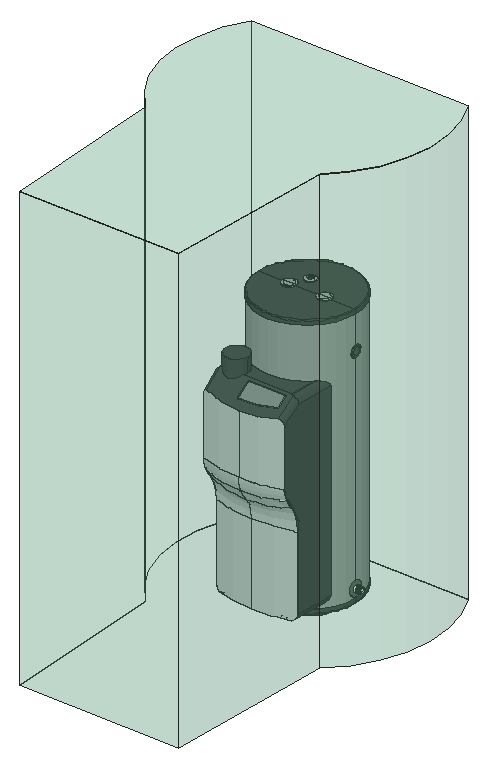
Revit family "Innovo  BENL_IR 32 245 BENL LP", category Mechanical Equipment, Revit 2015
Parameters (values of type "IR-32-245 BENL LP")
  Werkruimte Radius = Diameter + 170 mm  # 730 mm
  Werkruimte Hoogte = Hoogte + 1000 mm  # 2545 mm
  Werkruimte Afstand Voor = 1000 mm
  Werkruimte [instance] = yes
  Voorzorgsmaatregelen tijdens montage, installatie of onderhoud = "zie Gebruikers, Installatie, Service en Onderhouds handleiding"  # constant formula
  Voltage = 230 V  # constant formula
  Verpakkingslengte = 946 mm  # constant formula
  Verpakkingshoogte = 1695 mm
  Verpakkingsbreedte = 786 mm  # constant formula
  Uitsluitend werkend in daluren = no
  Uitschakeldruk LDS < = "115"
  Type aanduiding = "IR-20-200"
  Transportgewicht = 122 kg
  Totaal Gewicht = 322 kg
  Stilstandsverlies - dagelijks (24u) = 0 W
  Stilstandsverlies = 0 W
  Standaard Afgesteld op = "G31"
  Stand Regelthermostaat = 65 °C  # constant formula
  Soort Verpakking = "Karton en Hout"  # constant formula
  Slimme controlefunctie = no
  Setpoint thermostaat = 65 °C  # constant formula
  Seizoens Rendement (Hs) = [Rendement (Hs, vlgs. NEN-EN 89 - 1999)]  # 95
  Rendement (Hs, vlgs. NEN-EN 89 - 1999) = 95
  Rendement (Hi, vlgs. NEN-EN 89 - 1999) = 106
  Produktspecificaties Link = ""
  Produkthandleiding Link = ""
  Produkt Model Nummer (EAN-nummer) = "8717449286088"
  Onderhoudsinterval = "12 maanden"  # constant formula
  Nominale Belasting (Onderwaarde) = "18000.0"
  Nominale Belasting (Bovenwaarde) = "19600.0"
  Nominaal Vermogen = "18700.0"
  NOx-uitstoot mg/kWh = "30"
  NOx-uitstoot (lucht vrij, 0% O2) ppm = "18.0"
  Min. Stand Regelthermostaat = 40 °C  # constant formula
  Max. Werkdruk = 800000.0 Pa
  Max. Stand Regelthermostaat = 85 °C  # constant formula
  Max. Rookgastemperatuur = 61 °C
  Ledig Gewicht = 106 kg
  Kraan Hoogte 02 = if(and(Hoogte = 1745 mm, Diameter = 675 mm), 1518 mm, if(and(Hoogte = 1745 mm, Diameter = 610 mm), 1534 mm, if(Hoogte = 1545 mm, 1328 mm, 1070 mm)))  # 1328 mm
  Kraan Hoogte 01 = if(and(Diameter > 560 mm), 693 mm, 604 mm)  # 604 mm
  URL = "www.aosmith.be"
  Tapcapaciteit bij ΔT = 70°C  na 90 min. = 490.0 L
  Tapcapaciteit bij ΔT = 70°C  na 60 min. = 370.0 L
  Tapcapaciteit bij ΔT = 70°C  na 30 min. = 250.0 L
  Tapcapaciteit bij ΔT = 70°C  na 120 min. = 610.0 L
  Tapcapaciteit bij ΔT = 55°C  na 90 min. = 640.0 L
  Tapcapaciteit bij ΔT = 55°C  na 60 min. = 490.0 L
  Tapcapaciteit bij ΔT = 55°C  na 30 min. = 340.0 L
  Tapcapaciteit bij ΔT = 55°C  na 120 min. = 790.0 L
  Tapcapaciteit bij ΔT = 50°C  na 90 min. = 710.0 L
  Tapcapaciteit bij ΔT = 50°C  na 60 min. = 540.0 L
  Tapcapaciteit bij ΔT = 50°C  na 30 min. = 380.0 L
  Tapcapaciteit bij ΔT = 50°C na 120 min. = 870.0 L
  Tapcapaciteit bij ΔT = 44°C na 120 min. = 810.0 L
  Tapcapaciteit bij ΔT = 44°C  na 90 min. = 620.0 L
  Tapcapaciteit bij ΔT = 44°C  na 60 min. = 430.0 L
  Tapcapaciteit bij ΔT = 44°C  na 30 min. = 990.0 L
  Tapcapaciteit bij ΔT = 28°C na 90 min. = 1300.0 L
  Tapcapaciteit bij ΔT = 28°C na 60 min. = 990.0 L
  Tapcapaciteit bij ΔT = 28°C na 30 min. = 700.0 L
  Tapcapaciteit bij ΔT = 28°C na 120 min. = 1600.0 L
  Tapcapaciteit Continu bij ΔT = 70°C = 240.0 L/s
  Tapcapaciteit Continu bij ΔT = 55°C = 300.0 L/s
  Tapcapaciteit Continu bij ΔT = 50°C = 330.0 L/s
  Tapcapaciteit Continu bij ΔT = 44°C = 380.0 L/s
  Tapcapaciteit Continu bij ΔT = 28°C = 590.0 L/s
  Opwarmtijd bij ΔT = 70°C = "42"
  Opwarmtijd bij ΔT = 55°C = "33"
  Opwarmtijd bij ΔT = 50°C = "30"
  Opwarmtijd bij ΔT = 44°C = "27"
  Opwarmtijd bij ΔT = 28°C = "17"
  Model = "IR-20-200 BENL LP"
  Manufacturer = "A.O. Smith Water Products Company b.v."  # constant formula
  Length = 780 mm  # constant formula
  Jaarlijks elektriciteitsverbruik (2) = "42 kWh"
  Jaarlijks elektriciteitsverbruik (1) = "40 kWh"
  Jaarlijks brandstofverbruik (2) = "21 GJ GCV"
  Jaarlijks brandstofverbruik (1) = "16 GJ GCV"
  Isolatiedikte = 50 mm
  Installatie Typen = "B23/C13/C33/C43/C53/C63"  # constant formula
  Inhoud = 200.0 L
  Hoogte Warm Water Uitlaat = 1545 mm
  Hoogte Rookgasafvoer = 1305 mm
  Hoogte Lucht Inlaat = 1305 mm
  Hoogte Koud Water Inlaat = 170 mm
  Hoogte Gas Aansluiting = 860 mm
  Hoogte = 1545 mm
  Handelsmerk = "A.O. Smith"  # constant formula
  Geluidsniveau dB (A) = "<45"  # constant formula
  Geluidsniveau binnen = "52 dB"
  Gasverbruik - Volume ltr/hr = "n.v.t."
  Gasverbruik - Massa kg/h = "1.4"
  Gascategorie = "I2E(S)B"  # constant formula
  Gas Voordruk = "3700 Pa"
  Gas Aansluiting = 15"  # constant formula
  Garrantie op Tank = "36 maanden"  # constant formula
  Garrantie op Onderdelen = "12 maanden"  # constant formula
  Frequentie = 50 Hz  # constant formula
  Fase = 1
  Fabrikantnummer = "E 7110"  # constant formula
  Energie-efficiëntieklasse voor waterverwarming (2) = "A"
  Energie-efficiëntieklasse voor waterverwarming (1) = "A"  # constant formula
  Energie-efficiëntie voor waterverwarming (2) = "90%"
  Energie-efficiëntie voor waterverwarming (1) = "91%"
  Elektrisch Vermogen (piek) = 85 W
  Elektrisch Vermogen (nominaal) = 36 W
  Diameter Schoorsteen - parallel systeem = "2x80"  # constant formula
  Diameter Schoorsteen - concentrisch systeem = "80/125 mm/mm"  # constant formula
  Diameter Schoorsteen - boiler = "80/125 mm/mm"  # constant formula
  Diameter = 560 mm
  Description = "Condenserende Hoog Rendementsboiler"  # constant formula
  Created By = "http://www.cadcompany.nl/"
  Capaciteitsprofiel = "XL"
  CO2-uitstoot (tol. +/- 1.0) vol% = "10.0"
  CE-PIN = "0063CQ3037"  # constant formula
  Breedte = Diameter  # 560 mm
  Bestemming / Land = "BelgIë"  # constant formula
  BIM Content Developer = "CAD & Company"  # constant formula
  Assembly Code = "D3010"
  Ander capaciteitsprofiel = "XXL"
  Aansluiting Warm Water = 3/4"
  Aansluiting T&P = 3/4"
  Aansluiting Koud Water = 3/4"  # constant formula
  Aansluiting Condensafvoer = 40 mm  # constant formula
  Aansluiting Aftapkraan = 3/4"  # constant formula
  2e Onderhoud (algeheel onderhoud) = "12 maanden na installatie"  # constant formula
  1e Onderhoud (check-up) = "3 maanden na installatie"  # constant formula
Reference planes
  plane 1 "Center (Front/Back)": y = 0
  plane 2: z = 0
  plane 3 "Center (Left/Right)": x = 0
  plane 4 "Pipe": through (-383.901, 912.349, 194.799) normal (-0.0879, -0.0879, 0.9923)
  plane 5 "footing": y = 118.925
  plane 6 "footing front": y = -237.85
  plane 7: x = -280
  plane 8: x = 280
  plane 9: z = 1545
Forms (mm)
  Revolve 1, solid, material "RAL 9005", detail levels medium+fine
    sketch origin (0, -237.85, 0) x (-1, 0, 0) y (0, 0, 1)
      loop
        line (0, 28.9) -> (-15, 28.9) -> (-15, 26.4) -> (-8.671, 26.4) -> (-8.671, 18) -> (-5.686, 18) -> (-6.626, 17.06) -> (-6.626, 12.06) -> (-8.671, 12.06) -> (-8.671, 10) -> (-10.031, 10) -> (-23.271, 5.181)
        arc (-23.271, 5.181) -> (-23.763, 4.836) -> (-24.017, 4.293) r 1.159
        line (-24.017, 4.293) -> (-24.017, 1.03)
        arc (-24.017, 1.03) -> (-23.715, 0.302) -> (-22.986, 0) r 1.03
        line (-22.986, 0) -> (0, 0) -> (0, 28.9)
      axis (0, 28.9) -> (0, 0)
    angle from 0 to 360
  Revolve 2, solid, material "RAL 9005", detail levels medium+fine
    sketch origin (0, 118.925, 0) x (-1, 0, 0) y (0, 0, 1)
      loop
        line (-180.984, 28.9) -> (-195.984, 28.9) -> (-195.984, 26.4) -> (-189.655, 26.4) -> (-189.655, 18) -> (-186.67, 18) -> (-187.61, 17.06) -> (-187.61, 12.06) -> (-189.655, 12.06) -> (-189.655, 10) -> (-191.015, 10) -> (-204.256, 5.181)
        arc (-204.256, 5.181) -> (-204.747, 4.836) -> (-205.001, 4.293) r 1.159
        line (-205.001, 4.293) -> (-205.001, 1.03)
        arc (-205.001, 1.03) -> (-204.699, 0.302) -> (-203.971, 0) r 1.03
        line (-203.971, 0) -> (-180.984, 0) -> (-180.984, 28.9)
      axis (-180.984, 28.9) -> (-180.984, 0)
    angle from 0 to 360
  Revolve 3, solid, material "RAL 9005", detail levels medium+fine
    sketch origin (0, 118.925, 0) x (-1, 0, 0) y (0, 0, 1)
      loop
        line (179.016, 28.9) -> (164.016, 28.9) -> (164.016, 26.4) -> (170.345, 26.4) -> (170.345, 18) -> (173.33, 18) -> (172.39, 17.06) -> (172.39, 12.06) -> (170.345, 12.06) -> (170.345, 10) -> (168.985, 10) -> (155.744, 5.181)
        arc (155.744, 5.181) -> (155.253, 4.836) -> (154.999, 4.293) r 1.159
        line (154.999, 4.293) -> (154.999, 1.03)
        arc (154.999, 1.03) -> (155.301, 0.302) -> (156.029, 0) r 1.03
        line (156.029, 0) -> (179.016, 0) -> (179.016, 28.9)
      axis (179.016, 28.9) -> (179.016, 0)
    angle from 0 to 360
Lines and regions (mm)
  symbolic lines
    curve 1: line (0, 280.06, 0) -> (0, -280.06, 0)
    curve 2: line (-255.06, 0, 0) -> (255.06, 0, 0)
  symbolic lines, style "Workspace"
    curve 3: line (623.261, 380.06, 0) -> (-623.261, 380.06, 0)
    curve 4: arc (-623.261, 380.06, 0) -> (-726.942, -66.745, 0) -> (-543.632, -487.2, 0) r 730
    curve 5: line (-543.632, -487.2, 0) -> (-396.783, -1492.825, 0)
    curve 6: line (-396.783, -1492.825, 0) -> (399.03, -1492.825, 0)
    curve 7: line (399.03, -1492.825, 0) -> (545.76, -484.816, 0)
    curve 8: arc (545.76, -484.816, 0) -> (727.087, -65.154, 0) -> (623.261, 380.06, 0) r 730
Dimensions and locks
  plane 5 "footing" to plane 1 "Center (Front/Back)" = 118.925 mm
  plane 1 "Center (Front/Back)" to plane 6 "footing front" = 237.85 mm
  "Diameter": plane 7 to plane 8
  equal spacing: plane 7, plane 3 "Center (Left/Right)", plane 8
  "Hoogte": plane 9 to plane 2
  "Werkruimte Afstand Voor": curve 6 to nested 3
  "Werkruimte Radius": radius of curve 4
  "Werkruimte Radius": radius of curve 8
  aligned and locked: level to plane 2
  aligned and locked: nested 3 to Revolve 1 sketch curve
  aligned and locked: plane 3 "Center (Left/Right)" to Revolve 1 sketch curve
  aligned and locked: nested 3 to plane 1 "Center (Front/Back)"
  aligned and locked: plane 3 "Center (Left/Right)" to nested 3
  aligned and locked: nested 1 to plane 8
  aligned and locked: nested 5 to plane 8
  aligned and locked: nested 2 to plane 7
  aligned and locked: nested 4 to plane 7
  aligned and locked: nested 7 to plane 7
  aligned and locked: nested 8 to plane 3 "Center (Left/Right)"
  aligned and locked: nested 8 to nested 3
  aligned and locked: curve 3 to nested 8
Automatic sketch dimensions
  Revolve 1 sketch curve to level = 0 mm
  plane 3 "Center (Left/Right)" to Revolve 1 sketch curve = 5.686 mm
  Revolve 1 sketch curve to Revolve 1 sketch curve = 0.94 mm  (x2)
  Revolve 1 sketch curve to Revolve 1 sketch curve = 2.046 mm  (x2)
  Revolve 1 sketch curve to Revolve 1 sketch curve = 1.359 mm
  Revolve 1 sketch curve to Revolve 1 sketch curve = 6.329 mm
  level to Revolve 1 sketch curve = 4.091 mm
  Revolve 1 sketch curve to Revolve 1 sketch curve = 12.844 mm
  level to Revolve 1 sketch curve = 1.03 mm
  Revolve 1 sketch curve to Revolve 1 sketch curve = 0.111 mm
  level to Revolve 1 sketch curve = 5.181 mm
  Revolve 1 sketch curve to Revolve 1 sketch curve = 0.745 mm
  level to Revolve 1 sketch curve = 10 mm
  Revolve 1 sketch curve to Revolve 1 sketch curve = 2.06 mm
  Revolve 1 sketch curve to Revolve 1 sketch curve = 5 mm
  Revolve 1 sketch curve to Revolve 1 sketch curve = 8.4 mm
  Revolve 1 sketch curve to Revolve 1 sketch curve = 2.5 mm
  Revolve 1 sketch curve to level = 19.635 mm
  Revolve 1 sketch curve to Revolve 1 sketch curve = 46.465 mm
  Revolve 2 sketch curve to level = 0 mm
  level to Revolve 2 sketch curve = 1.03 mm
  Revolve 2 sketch curve to plane 8 = 74.999 mm
  level to Revolve 2 sketch curve = 5.181 mm
  Revolve 2 sketch curve to Revolve 2 sketch curve = 0.745 mm
  Revolve 2 sketch curve to Revolve 2 sketch curve = 0.397 mm
  Revolve 2 sketch curve to Revolve 2 sketch curve = 8.271 mm
  Revolve 2 sketch curve to Revolve 2 sketch curve = 13.241 mm
  Revolve 2 sketch curve to Revolve 2 sketch curve = 1.359 mm
  Revolve 2 sketch curve to Revolve 2 sketch curve = 6.329 mm
  Revolve 2 sketch curve to Revolve 2 sketch curve = 2.046 mm
  level to Revolve 2 sketch curve = 18 mm
  Revolve 2 sketch curve to Revolve 2 sketch curve = 0.94 mm  (x2)
  Revolve 2 sketch curve to Revolve 2 sketch curve = 8.671 mm
  Revolve 2 sketch curve to Revolve 2 sketch curve = 1.089 mm
  Revolve 2 sketch curve to Revolve 2 sketch curve = 8 mm
  Revolve 2 sketch curve to Revolve 2 sketch curve = 2.06 mm
  Revolve 2 sketch curve to Revolve 2 sketch curve = 8.4 mm
  Revolve 2 sketch curve to Revolve 2 sketch curve = 2.5 mm
  Revolve 2 sketch curve to Revolve 2 sketch curve = 0 mm
  Revolve 2 sketch curve to level = 19.635 mm
  Revolve 2 sketch curve to Revolve 2 sketch curve = 46.465 mm
  Revolve 3 sketch curve to level = 0 mm
  level to Revolve 3 sketch curve = 1.03 mm
  Revolve 3 sketch curve to plane 7 = 125.001 mm
  level to Revolve 3 sketch curve = 5.181 mm
  Revolve 3 sketch curve to Revolve 3 sketch curve = 0.745 mm
  Revolve 3 sketch curve to Revolve 3 sketch curve = 0.397 mm
  Revolve 3 sketch curve to Revolve 3 sketch curve = 8.271 mm
  Revolve 3 sketch curve to Revolve 3 sketch curve = 13.241 mm
  Revolve 3 sketch curve to Revolve 3 sketch curve = 1.359 mm
  Revolve 3 sketch curve to Revolve 3 sketch curve = 6.329 mm
  Revolve 3 sketch curve to Revolve 3 sketch curve = 2.046 mm
  level to Revolve 3 sketch curve = 18 mm
  Revolve 3 sketch curve to Revolve 3 sketch curve = 0.94 mm  (x2)
  Revolve 3 sketch curve to Revolve 3 sketch curve = 8.671 mm
  Revolve 3 sketch curve to Revolve 3 sketch curve = 1.089 mm
  Revolve 3 sketch curve to Revolve 3 sketch curve = 8 mm
  Revolve 3 sketch curve to Revolve 3 sketch curve = 2.06 mm
  Revolve 3 sketch curve to Revolve 3 sketch curve = 8.4 mm
  Revolve 3 sketch curve to Revolve 3 sketch curve = 2.5 mm
  Revolve 3 sketch curve to Revolve 3 sketch curve = 0 mm
  Revolve 3 sketch curve to level = 19.635 mm
  Revolve 3 sketch curve to Revolve 3 sketch curve = 46.465 mm
  curve 4 to curve 8 = 0 mm  (x2)
  plane 1 "Center (Front/Back)" to curve 2 = 0 mm
  curve 1 to plane 3 "Center (Left/Right)" = 0 mm
  plane 1 "Center (Front/Back)" to curve 4 = 0 mm
  curve 4 to plane 3 "Center (Left/Right)" = 0 mm
  curve 5 to plane 6 "footing front" = 249.35 mm
  plane 7 to curve 5 = 116.783 mm
  plane 8 to curve 7 = 119.03 mm
  curve 7 to plane 6 "footing front" = 246.966 mm
  curve 2 to plane 7 = 24.94 mm
  curve 2 to plane 8 = 24.94 mm
  curve 1 to plane 6 "footing front" = 42.21 mm
  plane 5 "footing" to curve 1 = 161.135 mm
Nested families
  nested 1: "Valve" at (280, -0.38, 1328) x (0, 1, 0) z (0, 0, 1), built-in parameter 1001364 <- "Kraan Hoogte 02", type "Valve"
  nested 2: "Drain Valve" at (-280, 0, 1328), built-in parameter 1001364 <- "Kraan Hoogte 02", type "Drain Valve"
  nested 3: "Housing Mother Housing S 57 (external)" at (0, -274.886, 0), type "Housing Mother_Housing S_57"
  nested 4: "Drain Valve" at (-280, 0, 177), type "Drain Valve"
  nested 5: "Drain Valve" at (280, 0, 107) x (-1, 0, 0) z (0, 0, 1), type "Drain Valve"
  nested 6: "Boiler" at (0, 0, 0), height <- "Hoogte", type "Boiler"
    with height 1545 mm
  nested 7: "Drain Valve" at (-280, 0, 604), built-in parameter 1001364 <- "Kraan Hoogte 01", type "Drain Valve"
  nested 8: "Innovo_workspace" at (0, 0, 0), Workspace <- "Werkruimte", Workspace Distance Front <- "Werkruimte Afstand Voor", Workspace Height <- "Werkruimte Hoogte", Workspace Radius <- "Werkruimte Radius", type "Workspace"
    with Workspace Radius 730 mm, Workspace Height 2545 mm, Workspace Distance Front 1000 mm, Workspace yes, Center to Front 492.825 mm
Connectors
  piping at (314.826, 0, 107), diameter 19.05, driven by "Aansluiting Aftapkraan"
    settings: on nested 5, index 1, connector inside diameter 24", connector length 0 mm, flow factor 0, pipe flow 0.0 L/s, pressure drop 0.0 Pa, fitting loss kfactor 0, connector angle 0.00°, fixture units 0, engagement length 0 mm, angle of deflection 0.00°, flow configuration 0, flow direction 0, fitting loss method 0, system type 19, joint type 0, gender type 0, connector reference index -1, connector utility 0, adjustable connector no, is connector primary yes, connector description ""
  hvac at (-147.013, -321.326, 1310.674)
    settings: on nested 3, index 2, duct flow 0.0 L/s, flow factor 0, pres drop 0.0 Pa, loss coef 0, conn angle 0.00°, conn width 304.8 mm, conn height 304.8 mm, conn diameter 125 mm, duct sys type 4, conn prof type 0, flow config 0, flow direction 0, loss method 0, conn ref index -1, conn util no, is conn primary yes, conn desc ""
Definition of nested family "Valve"
  Parameters (values of type "Valve")
    Type Comments = "T&P valve (internal)"
    Manufacturer = "A.O. Smith"
  Reference planes
    plane 1 "Center (Front/Back)": y = 0
    plane 2: z = 0
    plane 3 "Center (Left/Right)": x = 0
  Forms (mm)
    Extrusion 1, solid, detail levels fine
      sketch origin (0, 0, 0) x (1, 0, 0) y (0, 0, 1)
        loop
          circle (0, 0) r 31.5
      from -2.271 to 1.4
    Sweep 2, solid, detail levels fine
      path origin (0, -1.4, 0) x (1, 0, 0) y (0, 0, 1)
        loop
          circle (0, 0) r 31.5
      profile origin (0, -1.4, 31.5) x (0, 0, -1) y (0, -1, 0)
        loop
          line (7.3, 0) -> (7.3, 3) -> (0, 0) -> (7.3, 0)
  Dimensions and locks
    aligned and locked: level to plane 2
Definition of nested family "Drain Valve"
  Reference planes
    plane 1 "Center (Front/Back)": y = 0
    plane 2: z = 0
    plane 3 "Center (Left/Right)": x = 0
  Forms (mm)
    Revolve 1, solid, detail levels medium+fine
      sketch origin (0, 0, 0) x (1, 0, 0) y (0, 0, 1)
        loop
          line (-33.442, 15.696) -> (-34.826, 14.329) -> (-34.93, 12.731) -> (-16.555, 12.731) -> (-16.555, 0) -> (15.787, 0) -> (15.787, 18.3) -> (-14.4, 18.3) -> (-17.148, 15.533) -> (-18.729, 16.697) -> (-20.091, 15.333) -> (-21.672, 16.496) -> (-23.034, 15.133) -> (-24.614, 16.296) -> (-25.976, 14.932) -> (-27.557, 16.096) -> (-28.919, 14.732) -> (-30.5, 15.896) -> (-31.862, 14.532) -> (-33.442, 15.696)
        axis (-34.93, 0) -> (15.787, 0)
      angle from 0 to 360
  Dimensions and locks
    aligned and locked: level to plane 2
  Nested families
    nested 1: "Rubber sealing" at (2.592, -0.155, 0) x (0.0023, -1, 0) z (0, 0, 1), type "Rubber sealing", detail levels fine
  Definition of nested family "Rubber sealing"
    Reference planes
      plane 1 "Center (Front/Back)": y = 0
      plane 2: z = 0
      plane 3 "Center (Left/Right)": x = 0
    Forms (mm)
      Extrusion 1, solid, detail levels fine
        sketch origin (141.861, 319.581, 0) x (1, 0, 0) y (0, 1, 0)
          loop
            line (-216.354, -311.898) -> (-216.354, -313.94)
            arc (-216.354, -313.94) -> (-141.602, -321.581) -> (-66.861, -313.835) r 366.966
            line (-66.861, -313.835) -> (-66.861, -311.791)
            arc (-66.861, -311.791) -> (-141.602, -319.581) -> (-216.354, -311.898) r 364.966
        from -80 to 80
      Extrusion 2, void
        sketch origin (141.861, 319.581, 0) x (1, 0, 0) y (0, 0, 1)
          loop
            circle (-141.861, 0) r 13
          loop
            circle (-141.861, 0) r 110
          loop
            circle (-141.861, 0) r 40
        from 311.563 to 332.684
      Extrusion 3, void
        sketch origin (141.861, 319.581, 0) x (1, 0, 0) y (0, 0, 1)
          loop
            circle (-141.861, 0) r 18.25
        from 315.524 to 326.084
    Cuts and joins
      Extrusion 2, Extrusion 3 cuts Extrusion 1
    Dimensions and locks
      aligned and locked: level to plane 2
Definition of nested family "Housing Mother Housing S 57 (external)"
  Parameters (values of type "Housing Mother_Housing S_57")
    radius [instance] = 280 mm
    distance to boiler center = if(diameter = 675 mm, 189 mm, if(diameter = 610 mm, 154 mm, 129 mm))  # 129 mm
    diameter = 560 mm
  Reference planes
    plane 1 "Center (Front/Back)": y = 0
    plane 2: z = 0
    plane 3 "Center (Left/Right)": x = 0
    plane 4 "left": through (-245.286, 145.886, 1200) normal (0.9994, 0.0349, 0)
    plane 5: y = -217.939
    plane 6: y = 145.886
    plane 7: z = 1232.6
    plane 8: z = 65.89
    plane 9 "right": through (245.286, 145.886, 1200) normal (0.9994, -0.0349, 0)
    plane 10 "display": through (0, -90.37, 1221.196) normal (0, -0.5736, 0.8192)
    plane 11 "Potentiostat": z = 867.899
    plane 12 "boiler center": y = 274.886
    plane 13: x = -280
    plane 14: x = 280
  Forms (mm)
    Extrusion 1, solid
      sketch origin (0, 0, 0) x (1, 0, 0) y (0, 1, 0)
        loop
          line (-245.286, 145.886) -> (-232.581, -217.939) -> (232.581, -217.939) -> (245.286, 145.886)
          arc (245.286, 145.886) -> (0, 0.923) -> (-245.286, 145.886) r 280
      from 0 to 1232.6
    Sweep 2, void
      path origin (0, 0, 0) x (0, 1, 0) y (0, 0, 1)
        loop
          line (-217.939, 1232.6) -> (-217.939, 795.555)
          arc (-217.939, 795.555) -> (-212.387, 754.285) -> (-197.694, 715.322) r 183.924
          arc (-197.694, 715.322) -> (-179.915, 684.628) -> (-159.106, 655.901) r 348.284
          arc (-159.106, 655.901) -> (-131.411, 600.328) -> (-121.88, 538.973) r 202.254
          line (-121.88, 538.973) -> (-121.88, 61.106)
      profile origin (0, -217.939, 1014.077) x (1, 0, 0) y (0, 1, 0)
        loop
          arc (0, 0) -> (-117.533, 9.941) -> (-231.728, 39.475) r 699.984
          arc (-231.728, 39.475) -> (-233.391, 40.705) -> (-234.07, 42.659) r 3.505
          line (-234.07, 42.659) -> (-254.062, 42.659) -> (-254.062, -142.593) -> (254.07, -142.593) -> (254.07, 42.659) -> (234.07, 42.659)
          arc (234.07, 42.659) -> (233.391, 40.705) -> (231.728, 39.475) r 3.505
          arc (231.728, 39.475) -> (117.533, 9.941) -> (0, 0) r 699.984
    Extrusion 3, void
      sketch origin (0, 0, 0) x (0, 1, 0) y (0, 0, 1)
        loop
          arc (102.864, 70.869) -> (99.804, 70.709) -> (96.874, 69.813) r 12.57
          arc (96.874, 69.813) -> (87.878, 66.533) -> (78.516, 64.529) r 69.114
          arc (78.516, 64.529) -> (76.41, 64.284) -> (74.294, 64.148) r 41.206
          arc (74.294, 64.148) -> (65.203, 64.335) -> (56.122, 64.782) r 318.661
          arc (56.122, 64.782) -> (30.585, 66.179) -> (5.028, 67.128) r 1456.581
          line (5.028, 67.128) -> (-84.534, 73.135)
          arc (-84.534, 73.135) -> (-86.363, 73.808) -> (-87.536, 75.365) r 3.455
          line (-87.536, 75.365) -> (-264.473, 75.365) -> (-264.473, 0) -> (160.886, 0) -> (160.886, 103.945) -> (145.886, 103.945)
          arc (145.886, 103.945) -> (145.104, 97.827) -> (142.923, 92.059) r 26.364
          arc (142.923, 92.059) -> (141.067, 88.936) -> (138.867, 86.045) r 31.715
          arc (138.867, 86.045) -> (135.576, 82.49) -> (132.021, 79.2) r 62.615
          arc (132.021, 79.2) -> (125.841, 74.697) -> (119.091, 71.103) r 54.444
          arc (119.091, 71.103) -> (116.371, 70.272) -> (113.531, 70.123) r 11.669
          line (113.531, 70.123) -> (102.864, 70.869)
      from -254.062 to 254.07
    Sweep 4, void
      path origin (0, 0, 0) x (1, 0, 0) y (0, 1, 0)
        loop
          line (-245.286, 145.886) -> (-232.581, -217.939)
      profile origin (-238.933, -36.027, 0) x (0.999391, 0.034899, 0) y (0, 0, 1)
        loop
          line (-4.454, 0) -> (47.084, 0) -> (47.084, 73.431)
          arc (47.084, 73.431) -> (14.222, 85.134) -> (0.255, 117.1) r 43.922
          line (0.255, 117.1) -> (-4.454, 117.1) -> (-4.454, 0)
    Sweep 5, void
      path origin (0, 0, 0) x (-1, 0, 0) y (0, 1, 0)
        loop
          line (-245.286, 145.886) -> (-232.581, -217.939)
      profile origin (238.933, -36.027, 0) x (0.999391, -0.034899, 0) y (0, 0, 1)
        loop
          line (4.454, 0) -> (4.454, 117.1) -> (-0.255, 117.1)
          arc (-0.255, 117.1) -> (-14.222, 85.134) -> (-47.084, 73.431) r 43.922
          line (-47.084, 73.431) -> (-47.084, 0) -> (4.454, 0)
    Sweep 6, void
      path origin (-239.899, -8.377, 0) x (-0.034899, 0.999391, 0) y (0, 0, 1)
        loop
          line (-209.69, 1141.272) -> (-79.18, 1232.6) -> (154.358, 1232.6)
      profile origin (-241.211, 29.188, 1232.6) x (0, 0, 1) y (0.999391, 0.034899, 0)
        loop
          line (-45, -30) -> (75, -30) -> (75, 0) -> (75, 55) -> (2.799, 55) -> (-1.253, 35.128)
          arc (-1.253, 35.128) -> (-16.771, 9.564) -> (-45, -0.308) r 44.287
          line (-45, -0.308) -> (-45, -30)
    Sweep 7, void
      path origin (239.899, -8.377, 0) x (0.034899, 0.999391, 0) y (0, 0, 1)
        loop
          line (-209.69, 1141.272) -> (-79.18, 1232.6) -> (154.358, 1232.6)
      profile origin (241.211, 29.188, 1232.6) x (0, 0, -1) y (-0.999391, 0.034899, 0)
        loop
          line (-75, -25) -> (45, -25) -> (45, -0.308)
          arc (45, -0.308) -> (16.771, 9.564) -> (1.253, 35.128) r 44.287
          line (1.253, 35.128) -> (-2.799, 55) -> (-75, 55) -> (-75, -25)
    Extrusion 8, void
      sketch origin (0, 0, 0) x (0, 1, 0) y (0, 0, 1)
        loop
          line (-270, 1336.099) -> (-270, 1099.081) -> (68.497, 1336.099) -> (-270, 1336.099)
      from -425.038 to 444.42
    Extrusion 9, solid, detail levels medium+fine
      sketch origin (0, 0, 0) x (1, 0, 0) y (0, 1, 0)
        loop
          circle (-147.013, -46.44) r 65
      from 1163.174 to 1310.674
    Extrusion 10, void
      sketch origin (0, -603.506, 861.895) x (0, 0.819152, 0.573576) y (-1, 0, 0)
        loop
          arc (618.322, -173) -> (623.272, -170.95) -> (625.322, -166) r 7
          line (625.322, -166) -> (625.322, 35)
          arc (625.322, 35) -> (623.272, 39.95) -> (618.322, 42) r 7
          line (618.322, 42) -> (535.473, 42)
          arc (535.473, 42) -> (530.688, 40.11) -> (528.488, 35.46) r 7
          arc (528.488, 35.46) -> (531.569, -67.592) -> (554.18, -168.18) r 540
          arc (554.18, -168.18) -> (556.724, -171.668) -> (560.831, -173) r 7
          line (560.831, -173) -> (618.322, -173)
      from 0 to 137.286
    Sweep 11, solid, detail levels fine
      path origin (0, 0, 867.899) x (-1, 0, 0) y (0, -1, 0)
        loop
          line (309.749, -35.617) -> (204.371, -35.617)
          arc (204.371, -35.617) -> (196.509, -34.687) -> (189.082, -31.947) r 33.677
          line (189.082, -31.947) -> (-9.574, 69.274)
      profile origin (-257.06, 35.617, 867.899) x (0, 1, 0) y (0, 0, 1)
        loop
          circle (0, 0) r 7.316
        loop
          circle (0, 0) r 6.465
    Revolve 12, void
      sketch origin (0, 274.886, 0) x (-1, 0, 0) y (0, 0, 1)
        loop
          line (280, 1243.838) -> (0, 1243.838) -> (0, 54.9) -> (280, 54.9) -> (280, 1243.838)
        axis (0, 1243.838) -> (0, 54.9)
      angle from 0 to 360
  Cuts and joins
    Sweep 2, Extrusion 3, Sweep 4, Sweep 5, Sweep 6, Sweep 7, Extrusion 8, Extrusion 10, Revolve 12 cuts Extrusion 1
  Dimensions and locks
    plane 8 to plane 2 = 65.89 mm
    plane 7 to plane 8 = 1166.71 mm
    "distance to boiler center": plane 12 "boiler center" to plane 6
    "diameter": plane 14 to plane 13
    equal spacing: plane 14, plane 3 "Center (Left/Right)", plane 13
    "radius": plane 3 "Center (Left/Right)" to plane 13
    aligned and locked: level to plane 2
    aligned and locked: Extrusion 1 to plane 7
    aligned and locked: Extrusion 1 sketch curve to plane 5
    aligned and locked: Sweep 2 to Extrusion 3
    aligned and locked: Extrusion 3 to Sweep 2  (x2)
    aligned and locked: plane 7 to Sweep 2 sketch curve
    aligned and locked: plane 3 "Center (Left/Right)" to Revolve 12 sketch curve
    aligned and locked: Revolve 12 sketch curve to plane 3 "Center (Left/Right)"
    aligned and locked: plane 13 to Revolve 12 sketch curve
  Automatic sketch dimensions
    Extrusion 1 sketch curve to plane 4 "left" = 0 mm  (x2)
    Extrusion 1 sketch curve to plane 6 = 0 mm  (x2)
    Extrusion 1 sketch curve to plane 3 "Center (Left/Right)" = 0 mm
    Extrusion 1 sketch curve to plane 9 "right" = 0 mm
    plane 6 to Extrusion 1 sketch curve = 135.037 mm
    Sweep 2 sketch curve to plane 5 = 0 mm
    plane 5 to Sweep 2 sketch curve = 106.195 mm
    Sweep 2 sketch curve to plane 5 = 96.059 mm
    plane 1 "Center (Front/Back)" to Sweep 2 sketch curve = 34.053 mm
    plane 11 "Potentiostat" to Sweep 2 sketch curve = 6.417 mm
    Sweep 2 sketch curve to plane 6 = 33.705 mm
    Sweep 2 sketch curve to plane 11 "Potentiostat" = 68.615 mm
    Sweep 2 sketch curve to plane 11 "Potentiostat" = 72.345 mm
    Sweep 2 sketch curve to Sweep 2 sketch curve = 176.349 mm
    Sweep 2 sketch curve to Sweep 2 sketch curve = 0 mm  (x2)
    plane 8 to Sweep 2 sketch curve = 4.784 mm
    Extrusion 3 sketch curve to level = 0 mm
    Extrusion 3 sketch curve to plane 6 = 0 mm
    Extrusion 3 sketch curve to plane 6 = 26.363 mm
    Extrusion 3 sketch curve to Extrusion 3 sketch curve = 4.75 mm
    Extrusion 3 sketch curve to Extrusion 3 sketch curve = 5.179 mm
    Extrusion 3 sketch curve to plane 8 = 4.232 mm
    Extrusion 3 sketch curve to Extrusion 3 sketch curve = 0.814 mm
    Extrusion 3 sketch curve to plane 8 = 4.978 mm
    Extrusion 3 sketch curve to Extrusion 3 sketch curve = 10.667 mm
    Extrusion 3 sketch curve to Extrusion 3 sketch curve = 0.877 mm
    Extrusion 3 sketch curve to Extrusion 3 sketch curve = 17.827 mm
    Extrusion 3 sketch curve to Extrusion 3 sketch curve = 5.646 mm
    Extrusion 3 sketch curve to plane 6 = 69.562 mm
    Extrusion 3 sketch curve to Extrusion 3 sketch curve = 18.6 mm
    Extrusion 3 sketch curve to Extrusion 3 sketch curve = 22.538 mm
    Extrusion 3 sketch curve to plane 8 = 1.238 mm
    Extrusion 3 sketch curve to plane 1 "Center (Front/Back)" = 5.028 mm
    plane 1 "Center (Front/Back)" to Extrusion 3 sketch curve = 36.224 mm
    Extrusion 3 sketch curve to plane 8 = 10.692 mm
    plane 1 "Center (Front/Back)" to Extrusion 3 sketch curve = 84.302 mm
    Extrusion 3 sketch curve to plane 8 = 7.244 mm
    Extrusion 3 sketch curve to Extrusion 3 sketch curve = 0.231 mm
    Extrusion 3 sketch curve to Extrusion 3 sketch curve = 3.234 mm
    plane 5 to Extrusion 3 sketch curve = 46.534 mm
    plane 6 to Extrusion 3 sketch curve = 15 mm
    Extrusion 3 sketch curve to level = 1388.869 mm
    plane 8 to Extrusion 3 sketch curve = 7.561 mm
    Extrusion 3 sketch curve to Extrusion 3 sketch curve = 11.64 mm
    Extrusion 3 sketch curve to plane 8 = 38.054 mm
    Extrusion 3 sketch curve to Extrusion 3 sketch curve = 22.442 mm
    Extrusion 3 sketch curve to plane 8 = 39.432 mm
    Extrusion 3 sketch curve to Extrusion 3 sketch curve = 2.466 mm
    Extrusion 3 sketch curve to Extrusion 3 sketch curve = 14.17 mm
    Extrusion 3 sketch curve to Extrusion 3 sketch curve = 5.925 mm
    Extrusion 3 sketch curve to Extrusion 3 sketch curve = 6.186 mm
    Extrusion 3 sketch curve to Extrusion 3 sketch curve = 249.85 mm
    Extrusion 3 sketch curve to Extrusion 3 sketch curve = 0 mm  (x4)
    Extrusion 3 sketch curve to Extrusion 3 sketch curve = 6.845 mm
    plane 8 to Extrusion 3 sketch curve = 1.743 mm
    Sweep 4 sketch curve to plane 4 "left" = 0 mm  (x2)
    Sweep 4 sketch curve to plane 6 = 0 mm
    plane 5 to Sweep 4 sketch curve = 0 mm
    Sweep 4 sketch curve to level = 0 mm
    profile plane to Sweep 4 sketch curve = 4.454 mm
    Sweep 4 sketch curve to profile plane = 0.255 mm
    Sweep 4 sketch curve to Sweep 4 sketch curve = 43.922 mm
    Sweep 4 sketch curve to profile plane = 47.084 mm
    level to Sweep 4 sketch curve = 73.431 mm
    Sweep 4 sketch curve to Sweep 4 sketch curve = 43.669 mm
    Sweep 5 sketch curve to plane 6 = 0 mm
    Sweep 5 sketch curve to plane 9 "right" = 0 mm  (x2)
    plane 5 to Sweep 5 sketch curve = 0 mm
    Sweep 5 sketch curve to level = 0 mm
    profile plane to Sweep 5 sketch curve = 47.084 mm
    Sweep 5 sketch curve to Sweep 5 sketch curve = 2.907 mm
    profile plane to Sweep 5 sketch curve = 0.255 mm
    Sweep 5 sketch curve to profile plane = 4.454 mm
    level to Sweep 5 sketch curve = 73.431 mm
    Sweep 5 sketch curve to Sweep 5 sketch curve = 43.669 mm
    Sweep 6 sketch curve to plane 7 = 0 mm
    plane 7 to Sweep 6 sketch curve = 91.328 mm
    Sweep 6 sketch curve to Sweep 6 sketch curve = 130.509 mm
    Sweep 6 sketch curve to Sweep 6 sketch curve = 233.538 mm
    Sweep 6 sketch curve to plane 4 "left" = 0 mm
    profile plane to Sweep 6 sketch curve = 45 mm
    Sweep 6 sketch curve to Sweep 6 sketch curve = 0.354 mm
    profile plane to Sweep 6 sketch curve = 1.253 mm
    Sweep 6 sketch curve to profile plane = 2.799 mm
    Sweep 6 sketch curve to Sweep 6 sketch curve = 72.201 mm
    Sweep 6 sketch curve to plane 4 "left" = 0.308 mm
    Sweep 6 sketch curve to Sweep 6 sketch curve = 29.692 mm
    plane 4 "left" to Sweep 6 sketch curve = 35.128 mm
    plane 4 "left" to Sweep 6 sketch curve = 55 mm
    Sweep 7 sketch curve to plane 7 = 0 mm
    Sweep 7 sketch curve to plane 7 = 91.328 mm
    Sweep 7 sketch curve to Sweep 7 sketch curve = 130.509 mm
    Sweep 7 sketch curve to Sweep 7 sketch curve = 233.538 mm
    Sweep 7 sketch curve to plane 9 "right" = 25 mm
    profile plane to Sweep 7 sketch curve = 75 mm
    profile plane to Sweep 7 sketch curve = 2.799 mm
    Sweep 7 sketch curve to profile plane = 1.253 mm
    Sweep 7 sketch curve to Sweep 7 sketch curve = 43.393 mm
    Sweep 7 sketch curve to profile plane = 45 mm
    Sweep 7 sketch curve to plane 9 "right" = 0.308 mm
    plane 9 "right" to Sweep 7 sketch curve = 35.128 mm
    Sweep 7 sketch curve to Sweep 7 sketch curve = 19.872 mm
    plane 5 to Extrusion 8 sketch curve = 52.061 mm
    Extrusion 8 sketch curve to plane 1 "Center (Front/Back)" = 68.497 mm
    plane 7 to Extrusion 8 sketch curve = 133.519 mm
    Extrusion 8 sketch curve to plane 7 = 103.499 mm
    plane 1 "Center (Front/Back)" to Extrusion 9 sketch curve = 46.44 mm
    Extrusion 9 sketch curve to plane 3 "Center (Left/Right)" = 147.013 mm
    Extrusion 10 sketch curve to plane 3 "Center (Left/Right)" = 0 mm
    Extrusion 10 sketch curve to plane 3 "Center (Left/Right)" = 35 mm
    Extrusion 10 sketch curve to Extrusion 10 sketch curve = 25.359 mm
    Extrusion 10 sketch curve to Extrusion 10 sketch curve = 57.491 mm
    Extrusion 10 sketch curve to plane 3 "Center (Left/Right)" = 42 mm
    Extrusion 10 sketch curve to Extrusion 10 sketch curve = 82.85 mm
    Extrusion 10 sketch curve to Extrusion 10 sketch curve = 7 mm
    Extrusion 10 sketch curve to Extrusion 10 sketch curve = 442 mm
    plane 3 "Center (Left/Right)" to Extrusion 10 sketch curve = 166 mm
    Extrusion 10 sketch curve to Extrusion 10 sketch curve = 0 mm  (x2)
    Sweep 11 sketch curve to plane 1 "Center (Front/Back)" = 31.947 mm
    Sweep 11 sketch curve to plane 3 "Center (Left/Right)" = 189.082 mm
    Sweep 11 sketch curve to plane 1 "Center (Front/Back)" = 1.94 mm
    Sweep 11 sketch curve to Sweep 11 sketch curve = 15.289 mm
    plane 3 "Center (Left/Right)" to Sweep 11 sketch curve = 9.574 mm
    Sweep 11 sketch curve to Sweep 11 sketch curve = 105.378 mm
    plane 1 "Center (Front/Back)" to Sweep 11 sketch curve = 69.274 mm
    Sweep 11 sketch curve to Sweep 11 sketch curve = 0 mm  (x2)
    Sweep 11 sketch curve to plane 11 "Potentiostat" = 0 mm
    Sweep 11 sketch curve to profile plane = 0 mm
    plane 8 to Revolve 12 sketch curve = 10.99 mm
    Revolve 12 sketch curve to plane 7 = 11.238 mm
    Revolve 12 sketch curve to level = 366.045 mm
    Revolve 12 sketch curve to Revolve 12 sketch curve = 971.917 mm
    Sweep 2 sketch curve to plane 3 "Center (Left/Right)" = 0 mm
    profile plane to Sweep 2 sketch curve = 0 mm
    Sweep 2 sketch curve to plane 3 "Center (Left/Right)" = 0.016 mm
    Sweep 2 sketch curve to profile plane = 42.782 mm  (x2)
    Sweep 2 sketch curve to plane 3 "Center (Left/Right)" = 230.568 mm
    plane 3 "Center (Left/Right)" to Sweep 2 sketch curve = 0.016 mm
    plane 3 "Center (Left/Right)" to Sweep 2 sketch curve = 230.568 mm
    Sweep 2 sketch curve to Sweep 2 sketch curve = 3.502 mm  (x2)
    Sweep 2 sketch curve to Sweep 2 sketch curve = 20 mm
    profile plane to Sweep 2 sketch curve = 142.593 mm
    Sweep 2 sketch curve to Sweep 2 sketch curve = 0.122 mm  (x2)
    Sweep 2 sketch curve to Sweep 2 sketch curve = 657.203 mm
    Sweep 2 sketch curve to Sweep 2 sketch curve = 19.991 mm
    radius of Extrusion 9 sketch curve = 65 mm
    radius of Sweep 11 sketch curve = 7.316 mm
    radius of Sweep 11 sketch curve = 6.465 mm
  Nested families
    nested 1: "display" at (65.5, -130.939, 1192.79) x (-1, 0, 0) z (0, -0.5736, 0.8192), type "display"
  Definition of nested family "display"
    Parameters (values of type "display")
      Default Elevation = 1219.2 mm
    Reference planes
      plane 1 "Center (Front/Back)": y = 0
      plane 2: z = 0
      plane 3 "Center (Left/Right)": x = 0
    Forms (mm)
      Extrusion 1, solid, detail levels medium+fine
        sketch origin (-16.958, 11.842, -343.878) x (1, 0, 0) y (0, 0, -1)
          loop
            line (-233.523, -343.878) -> (-233.523, -346.592) -> (332.686, -346.592) -> (332.686, -343.878) -> (-233.523, -343.878)
        from -228.7 to 150.822
      Extrusion 2, void
        sketch origin (-16.958, 6.842, -343.878) x (1, 0, 0) y (0, 1, 0)
          loop
            line (-233.523, 155.822) -> (-233.523, -223.7) -> (332.686, -223.7) -> (332.686, 155.822) -> (-233.523, 155.822)
          loop
            arc (-90.542, -48.267) -> (-88.492, -53.216) -> (-83.542, -55.267) r 7
            line (-83.542, -55.267) -> (117.458, -55.267)
            arc (117.458, -55.267) -> (122.408, -53.216) -> (124.458, -48.267) r 7
            line (124.458, -48.267) -> (124.458, 34.583)
            arc (124.458, 34.583) -> (122.568, 39.368) -> (117.918, 41.568) r 7
            arc (117.918, 41.568) -> (14.866, 38.487) -> (-85.722, 15.876) r 540
            arc (-85.722, 15.876) -> (-89.21, 13.332) -> (-90.542, 9.224) r 7
            line (-90.542, 9.224) -> (-90.542, -48.267)
        from 328.878 to 363.083
    Cuts and joins
      Extrusion 2 cuts Extrusion 1
    Dimensions and locks
      aligned and locked: level to plane 2
Definition of nested family "Boiler"
  Parameters (values of type "Boiler")
    radius [instance] = 280 mm
    height [instance] = 1270 mm
    Diameter = 560 mm
  Reference planes
    plane 1 "Center (Front/Back)": y = 0
    plane 2: z = 0
    plane 3 "Center (Left/Right)": x = 0
    plane 4: z = 1243.838
    plane 5: z = 1270
    plane 6 "bottom": z = 28.9
    plane 7: z = 54.9
    plane 8 "top controle": y = 88
    plane 9: x = -280
    plane 10: x = 280
  Forms (mm)
    Revolve 1, solid
      sketch origin (0, 0, 0) x (1, 0, 0) y (0, 0, 1)
        loop
          line (0, 54.9) -> (-280, 54.9) -> (-280, 32.9)
          arc (-280, 32.9) -> (-278.828, 30.072) -> (-276, 28.9) r 4
          line (-276, 28.9) -> (0, 28.9) -> (0, 54.9)
        axis (0, 28.9) -> (0, 54.9)
      angle from 0 to 360
    Revolve 2, solid
      sketch origin (1.311, 0, 0) x (1, 0, 0) y (0, 0, 1)
        loop
          line (-278.86, 1243.838) -> (-278.86, 54.9) -> (-1.311, 54.9) -> (-1.311, 1243.838) -> (-278.86, 1243.838)
        axis (-1.311, 1243.838) -> (-1.311, 54.9)
      angle from 0 to 360
    Revolve 3, solid
      sketch origin (-9.205, 0, 377.212) x (-1, 0, 0) y (0, 0, 1)
        loop
          line (-148.904, 892.788) -> (-110.805, 892.788) -> (-110.805, 895.963) -> (-141.883, 895.963) -> (-148.904, 893.62) -> (-148.904, 892.788)
        axis (-110.805, 892.788) -> (-110.805, 895.963)
      angle from 0 to 360
    Revolve 4, solid
      sketch origin (0, 0, 718.065) x (1, 0, 0) y (0, 0, -1)
        loop
          line (0, -525.773) -> (-280, -525.773) -> (-280, -547.935)
          arc (-280, -547.935) -> (-278.828, -550.763) -> (-276, -551.935) r 4
          line (-276, -551.935) -> (0, -551.935) -> (0, -525.773)
        axis (0, -551.935) -> (0, -525.773)
      angle from 0 to 360
    Revolve 5, solid
      sketch origin (0, 88, 0) x (1, 0, 0) y (0, 0, 1)
        loop
          line (-19.051, 1270) -> (-19.051, 1271.074) -> (-32.63, 1275.604) -> (-32.63, 1271.117) -> (-37.266, 1271.117) -> (-38.383, 1270) -> (-19.051, 1270)
        axis (-50.8, 1270) -> (-50.8, 1275.604)
      angle from 0 to 360
    Revolve 6, solid
      sketch origin (-217.12, 0, 372.245) x (-1, 0, 0) y (0, 0, 1)
        loop
          line (-153.622, 897.755) -> (-115.52, 897.755) -> (-115.52, 900.93) -> (-146.626, 900.93) -> (-153.622, 898.596) -> (-153.622, 897.755)
        axis (-115.52, 897.755) -> (-115.52, 900.93)
      angle from 0 to 360
  Dimensions and locks
    "height": plane 5 to plane 2
    plane 6 "bottom" to plane 2 = 28.9 mm
    locked: plane 5 to plane 4 at 26.162
    locked: plane 1 "Center (Front/Back)" to plane 8 "top controle" at 88
    "Diameter": plane 10 to plane 9
    equal spacing: plane 10, plane 3 "Center (Left/Right)", plane 9
    "radius": plane 3 "Center (Left/Right)" to plane 9
    locked: plane 9 to Revolve 2 sketch curve at 2.452
    aligned and locked: level to plane 2
    aligned and locked: Revolve 2 sketch curve to plane 7
    aligned and locked: Revolve 2 sketch curve to plane 4
    aligned and locked: Revolve 1 sketch curve to plane 7
    aligned and locked: plane 6 "bottom" to Revolve 1 sketch curve
    aligned and locked: Revolve 4 sketch curve to plane 3 "Center (Left/Right)"
    aligned and locked: plane 5 to Revolve 4 sketch curve
    aligned and locked: Revolve 4 sketch curve to plane 4
    aligned and locked: plane 9 to Revolve 4 sketch curve
    aligned and locked: Revolve 1 sketch curve to plane 9
    aligned and locked: Revolve 2 sketch curve to plane 3 "Center (Left/Right)"
    aligned and locked: plane 3 "Center (Left/Right)" to Revolve 2 sketch curve
  Automatic sketch dimensions
    Revolve 1 sketch curve to plane 3 "Center (Left/Right)" = 0 mm  (x2)
    Revolve 1 sketch curve to Revolve 1 sketch curve = 4 mm
    Revolve 1 sketch curve to level = 40 mm
    Revolve 1 sketch curve to Revolve 1 sketch curve = 305.1 mm
    Revolve 2 sketch curve to level = 366.045 mm
    Revolve 2 sketch curve to plane 5 = 945.755 mm
    Revolve 3 sketch curve to plane 5 = 0 mm
    Revolve 3 sketch curve to plane 3 "Center (Left/Right)" = 139.699 mm
    plane 5 to Revolve 3 sketch curve = 3.175 mm
    Revolve 3 sketch curve to Revolve 3 sketch curve = 7.022 mm
    Revolve 3 sketch curve to Revolve 3 sketch curve = 31.078 mm
    Revolve 3 sketch curve to Revolve 3 sketch curve = 0.832 mm
    Revolve 3 sketch curve to Revolve 3 sketch curve = 0 mm
    Revolve 3 sketch curve to Revolve 3 sketch curve = 2.338 mm
    Revolve 3 sketch curve to Revolve 3 sketch curve = 4.487 mm
    Revolve 4 sketch curve to plane 3 "Center (Left/Right)" = 0 mm
    Revolve 4 sketch curve to Revolve 4 sketch curve = 4 mm
    Revolve 4 sketch curve to Revolve 4 sketch curve = 68.738 mm
    Revolve 4 sketch curve to Revolve 4 sketch curve = 305.1 mm
    Revolve 6 sketch curve to plane 5 = 0 mm
    plane 3 "Center (Left/Right)" to Revolve 6 sketch curve = 63.497 mm
    plane 5 to Revolve 6 sketch curve = 3.175 mm
    Revolve 6 sketch curve to Revolve 6 sketch curve = 6.997 mm
    Revolve 6 sketch curve to Revolve 6 sketch curve = 31.106 mm
    Revolve 6 sketch curve to Revolve 6 sketch curve = 0.84 mm
    Revolve 6 sketch curve to Revolve 6 sketch curve = 0 mm
    Revolve 6 sketch curve to Revolve 6 sketch curve = 7.216 mm
    Revolve 6 sketch curve to Revolve 6 sketch curve = 0.391 mm
    Revolve 5 sketch curve to Revolve 5 sketch curve = 13.578 mm
    Revolve 5 sketch curve to Revolve 5 sketch curve = 1.074 mm
    Revolve 5 sketch curve to Revolve 5 sketch curve = 12.417 mm
    Revolve 5 sketch curve to Revolve 5 sketch curve = 5.753 mm
    Revolve 5 sketch curve to plane 5 = 1.117 mm
    Revolve 5 sketch curve to Revolve 5 sketch curve = 1.117 mm
    plane 5 to Revolve 5 sketch curve = 4.396 mm
    Revolve 5 sketch curve to plane 5 = 0 mm
    Revolve 5 sketch curve to Revolve 5 sketch curve = 4.487 mm
    Revolve 5 sketch curve to plane 3 "Center (Left/Right)" = 38.383 mm
    Revolve 5 sketch curve to plane 5 = 5.604 mm
Definition of nested family "Innovo_workspace"
  Parameters (values of type "Workspace")
    Workspace Radius [instance] = 730 mm
    Workspace Height [instance] = 2270 mm
    Workspace Distance Front [instance] = 1000 mm
    Workspace [instance] = yes
    URL = "www.aosmith.nl"
    Model = ""
    Manufacturer = "A.O. Smith Water Products Company b.v."  # constant formula
    Description = ""
    Created By = ""
    Center to Front [instance] = 492.825 mm
    BIM Content Developer = "CAD & Company"  # constant formula
    Assembly Code = ""
  Reference planes
    plane 1 "Center (Front/Back)": y = 0
    plane 2: z = 0
    plane 3 "Center (Left/Right)": x = 0
    plane 4 "Pipe": through (-383.901, 912.349, 194.799) normal (-0.0879, -0.0879, 0.9923)
    plane 5 "front": y = -492.825
  Forms (mm)
    Extrusion 1, solid, visible <- "Workspace"
      sketch origin (0, 0, 0) x (1, 0, 0) y (0, 1, 0)
        loop
          line (456.53, -1492.825) -> (500.201, -531.695)
          arc (500.201, -531.695) -> (723.44, -97.643) -> (623.261, 380.06) r 730
          line (623.261, 380.06) -> (-623.261, 380.06)
          arc (-623.261, 380.06) -> (-723.227, -99.209) -> (-497.893, -533.856) r 730
          line (-497.893, -533.856) -> (-454.283, -1492.825) -> (456.53, -1492.825)
      from 0 to 2270 <- "Workspace Height"
  Lines and regions (mm)
    symbolic lines
      curve 1: line (0, 280.06, 0) -> (0, -280.06, 0)
      curve 2: line (-255.06, 0, 0) -> (255.06, 0, 0)
  Dimensions and locks
    locked: Extrusion 1 sketch curve to curve 1 at 100
    "Workspace Distance Front": plane 5 "front" to Extrusion 1
    "Center to Front": plane 1 "Center (Front/Back)" to plane 5 "front"
    "Workspace Radius": radius of Extrusion 1 sketch curve  (x2)
    aligned and locked: level to plane 2
  Automatic sketch dimensions
    plane 1 "Center (Front/Back)" to curve 2 = 0 mm
    curve 1 to plane 3 "Center (Left/Right)" = 0 mm
    plane 3 "Center (Left/Right)" to curve 2 = 255.06 mm
    curve 1 to plane 1 "Center (Front/Back)" = 280.06 mm
    curve 2 to plane 3 "Center (Left/Right)" = 255.06 mm
    plane 5 "front" to curve 1 = 212.765 mm
    Extrusion 1 sketch curve to Extrusion 1 sketch curve = 0 mm  (x2)
    plane 1 "Center (Front/Back)" to Extrusion 1 sketch curve = 0 mm
    Extrusion 1 sketch curve to plane 3 "Center (Left/Right)" = 0 mm
    Extrusion 1 sketch curve to plane 5 "front" = 41.031 mm
    Extrusion 1 sketch curve to plane 3 "Center (Left/Right)" = 454.283 mm
    plane 3 "Center (Left/Right)" to Extrusion 1 sketch curve = 456.53 mm
    Extrusion 1 sketch curve to plane 5 "front" = 38.869 mm
    Extrusion 1 sketch curve to Extrusion 1 sketch curve = 961.131 mm
